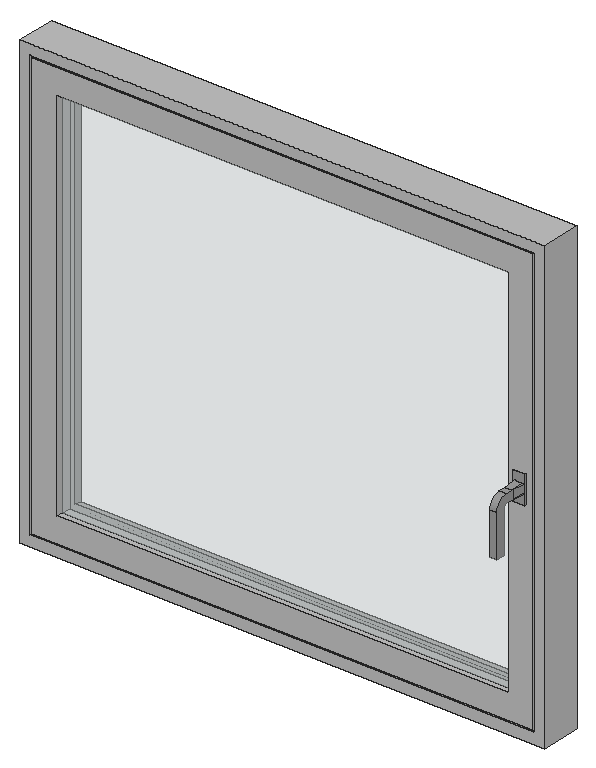
Revit family "Lian - System Window - Wood", category Windows, host Wall, Revit 2017
Family settings
  Host = Wall
  Always vertical = Yes
  Cut with Voids When Loaded = No
  Shared = No
  Room Calculation Point = No
Parameters
  hosted on bimbear.com® = "www.bimbear.com"
  Width = [02.5 - Window Width]  # 1400 mm
  URL = "http://www.lian.no/"
  Type Image = <None>
  Type Comments = "Wood"
  Rough Width = [02 - Opening Width]  # 1400 mm
  Rough Height = [01 - Opening Height]  # 1200 mm
  Opening Lines = no
  OFS = [07 - Offset] + 1500 mm  # 1500 mm
  Model = "Inward Opening - System Window"
  Manufacturer = "Lian"
  Height = [01.5 - Window Height]  # 1200 mm
  GAP = [08 - Sealant Gap] * 2  # 0 mm
  Construction Type = ""
  Assembly Code = ""
  Analytic Construction = "<None>"
  11 - Sound Transmission Class = ""
  10 - Fire Rating = ""
  08 - Sealant Gap = 0 mm
  07 - Offset = 0 mm
  05.5 - Material Glass = Glass
  05.1 - Material Frame = RAL 9018
  02.5 - Window Width = [02 - Opening Width] - GAP  # 1400 mm
  02 - Opening Width = 1400 mm
  01.5 - Window Height = [01 - Opening Height] - GAP  # 1200 mm
  01 - Opening Height = 1200 mm
Reference planes
  plane 1 "Wall": y = 0
  plane 2 "Center (Left/Right)": x = 125
  plane 3 "Back": y = 75
  plane 4: x = -575
  plane 5: z = 1200
  plane 6: x = 825
  plane 7: x = -575
  plane 8: z = 0
  plane 9: x = 825
  plane 10: z = 1200
  plane 11 "VINDU": y = 0
  plane 12: y = -1500
  plane 13: z = 600
  plane 14: x = 740.997
  plane 15: x = -490.997
  plane 16: z = 92
  plane 17: z = 1115.997
Forms (mm)
  Extrusion 1, solid, material "Glass" <- "05.5 - Material Glass"
    sketch origin (125, 0, 0) x (0, 1, 0) y (0, 0, 1)
      loop
        line (0, 1115.997) -> (-44, 1115.997) -> (-44, 92) -> (0, 92) -> (0, 1115.997)
    from -615.997 to 615.997
  Sweep 2, solid, material "RAL 9018" <- "05.1 - Material Frame"
    path origin (0, 0, 0) x (0, 0, -1) y (-1, 0, 0)
      loop
        line (-1200, 575) -> (-1200, -825) -> (0, -825) -> (0, 575) -> (-1200, 575)
    profile origin (125, 0, 1200) x (0, 0, -1) y (0, 1, 0)
      loop
        line (84.003, -44) -> (84.003, 0) -> (99.272, 0) -> (90.405, 29) -> (55, 29) -> (55, 45) -> (0, 45) -> (0, -60) -> (27, -60) -> (27, -57) -> (32, -57) -> (32, -60) -> (98.003, -60) -> (98.003, -44) -> (84.003, -44)
Lines and regions (mm)
  Opening 1
    outline origin (-5000, -75, 0) x (1, 0, 0) y (0, 0, 1)
      loop
        line (5825, 1200) -> (4425, 1200) -> (4425, 0) -> (5825, 0) -> (5825, 1200)
  symbolic lines, detail levels coarse
    curve 1: line (-575, 0, 0) -> (825, 0, 0)
    curve 2: line (125, 0, 1200) -> (125, 0, 0)
  symbolic lines, style "OpeningLine", visible <- "Opening Lines"
    curve 3: line (725.728, 0, 600) -> (-475.728, 0, 1100.728)
    curve 4: line (725.728, 0, 600) -> (-475.728, 0, 99.272)
    curve 5: line (-475.728, 0, 99.272) -> (125, 0, 1100.728)
    curve 6: line (125, 0, 1100.728) -> (725.728, 0, 99.272)
Text (mm)
  text "Placement Side" at (-1848.837, 1116.779, 0), in view "Ref. Level"
  text "Placement side" at (0, 1409.804, 2854.306), in view "Left"
  text "Placement side" at (0, 499.811, 2980.732), in view "Right"
Dimensions and locks
  locked: plane 3 "Back" to host wall
  equal spacing: plane 6, plane 2 "Center (Left/Right)", plane 4
  "Rough Width": plane 6 to plane 4
  "Rough Height": level to plane 5
  "08 - Sealant Gap": plane 4 to plane 7
  "08 - Sealant Gap": plane 10 to plane 5
  "08 - Sealant Gap": plane 6 to plane 9
  "08 - Sealant Gap": level to plane 8
  plane 1 "Wall" to plane 12 = 1500 mm
  "OFS": plane 11 "VINDU" to plane 12
  equal spacing: plane 5, plane 13, level
  locked: plane 14 to plane 9 at 84.003
  locked: plane 7 to plane 15 at 84.003
  locked: plane 10 to plane 17 at 84.003
  locked: plane 16 to plane 8 at 92
  aligned and locked: plane 1 "Wall" to host wall
  aligned and locked: plane 5 to Opening 1 sketch curve
  aligned and locked: Opening 1 sketch curve to plane 6
  aligned and locked: level to Opening 1 sketch curve
  aligned and locked: Opening 1 sketch curve to plane 4
  aligned and locked: nested 1 to plane 8
  aligned and locked: nested 1 to plane 11 "VINDU"
  aligned and locked: nested 3 to plane 11 "VINDU"
  aligned and locked: nested 4 to plane 11 "VINDU"
  aligned and locked: nested 3 to Extrusion 1 sketch curve
  aligned and locked: nested 3 to plane 17
  aligned and locked: plane 11 "VINDU" to Extrusion 1
  aligned and locked: Sweep 2 sketch curve to plane 10
  aligned and locked: Sweep 2 sketch curve to plane 17
  aligned and locked: plane 16 to nested 3
  aligned and locked: plane 14 to Extrusion 1
  aligned and locked: nested 5 to plane 7
  aligned and locked: plane 11 "VINDU" to nested 5
  aligned and locked: plane 6 to curve 1
  aligned and locked: plane 4 to curve 1
  aligned and locked: curve 1 to plane 11 "VINDU"
  aligned and locked: plane 9 to nested 6
  aligned and locked: plane 10 to curve 2
  aligned and locked: plane 8 to curve 2
  aligned and locked: plane 11 "VINDU" to curve 2
  aligned and locked: nested 6 to plane 11 "VINDU"
  aligned and locked: Extrusion 1 to nested 1
  aligned and locked: plane 10 to Sweep 2
  aligned and locked: plane 17 to nested 2
  aligned and locked: plane 11 "VINDU" to nested 2
  aligned and locked: nested 7 to plane 13
  aligned and locked: nested 7 to plane 14
  aligned and locked: Sweep 2 sketch curve to plane 7
  aligned and locked: Extrusion 1 to plane 15
  aligned and locked: plane 14 to nested 4
  aligned and locked: nested 4 to plane 15
Automatic sketch dimensions
  Sweep 2 sketch curve to plane 9 = 0 mm
  Sweep 2 sketch curve to plane 10 = 0 mm
  Sweep 2 sketch curve to plane 8 = 0 mm
  Extrusion 1 sketch curve to plane 16 = 0 mm
  Extrusion 1 sketch curve to plane 11 "VINDU" = 44 mm
  plane 17 to Extrusion 1 sketch curve = 0 mm
  Sweep 2 sketch curve to profile plane = 27 mm
  Sweep 2 sketch curve to Sweep 2 sketch curve = 5 mm
  Sweep 2 sketch curve to Sweep 2 sketch curve = 29.003 mm
  Sweep 2 sketch curve to Sweep 2 sketch curve = 0 mm
  Sweep 2 sketch curve to Sweep 2 sketch curve = 3 mm
  Sweep 2 sketch curve to Sweep 2 sketch curve = 16 mm  (x2)
  Sweep 2 sketch curve to Sweep 2 sketch curve = 6.402 mm
  Sweep 2 sketch curve to Sweep 2 sketch curve = 8.866 mm
  plane 11 "VINDU" to Sweep 2 sketch curve = 29 mm
  Sweep 2 sketch curve to plane 11 "VINDU" = 0 mm
  Sweep 2 sketch curve to Sweep 2 sketch curve = 14 mm
  Sweep 2 sketch curve to plane 11 "VINDU" = 44 mm
  curve 5 to plane 17 = 15.269 mm
  plane 16 to curve 5 = 7.272 mm
  curve 3 to plane 14 = 15.269 mm
  plane 15 to curve 5 = 15.269 mm
  curve 3 to plane 17 = 15.269 mm
  plane 16 to curve 6 = 7.272 mm
  curve 6 to plane 14 = 15.269 mm
  plane 15 to curve 3 = 15.269 mm
  curve 3 to plane 13 = 0 mm
  curve 5 to plane 2 "Center (Left/Right)" = 0 mm
Nested families
  nested 1: "SV-T-V0104-06" at (1225, 0, 0) x (0, 1, 0) z (-1, 0, 0), type "FV-T-V0104-06"
  nested 2: "SV-T-V0104-03-09" at (825, 0, 1200) x (0, 1, 0) z (1, 0, 0), type "SV-T-V0104-03-09"
  nested 3: "3Glass2D" at (125, 0, 1115.997) x (0, -1, 0) z (1, 0, 0), type "3Glass2D"
    with h 1023.997 mm
  nested 4: "3Glass2D" at (-490.997, 0, 0) x (0, -1, 0) z (0, 0, 1), type "3Glass2D"
    with h 1231.994 mm
  nested 5: "SV-T-V0104-03-09" at (-575, 0, 0) x (0, 1, 0) z (0, 0, 1), type "SV-T-V0104-03-09"
  nested 6: "SV-T-V0104-03-09" at (825, 0, 0) x (0, 1, 0) z (0, 0, 1), type "SV-T-V0104-03-09"
  nested 7: "Håndtak" at (756.655, -60, 600) x (0, 0, -1) z (0, -1, 0), type "Håndtak"
Definition of nested family "Håndtak"
  Parameters (values of type "Håndtak")
    Default Elevation = 1219.2 mm
  Reference planes
    plane 1 "Center (Front/Back)": y = 0
    plane 2: z = 0
    plane 3 "Center (Left/Right)": x = 0
  Forms (mm)
    Extrusion 1, solid
      sketch origin (0, 0, 0) x (1, 0, 0) y (0, 1, 0)
        loop
          line (-1219.2, 1219.2) -> (-1219.2, -1219.2) -> (1219.2, -1219.2) -> (1219.2, 1219.2) -> (-1219.2, 1219.2)
      from 0 to -304.8
    Blend 2, solid
      base sketch origin (0, 0, 0) x (1, 0, 0) y (0, 1, 0)
        loop
          arc (14, 9.662) -> (13.169, 11.669) -> (11.162, 12.5) r 2.838
          line (11.162, 12.5) -> (-11.162, 12.5)
          arc (-11.162, 12.5) -> (-13.169, 11.669) -> (-14, 9.662) r 2.838
          line (-14, 9.662) -> (-14, -9.662)
          arc (-14, -9.662) -> (-13.169, -11.669) -> (-11.162, -12.5) r 2.838
          line (-11.162, -12.5) -> (11.162, -12.5)
          arc (11.162, -12.5) -> (13.169, -11.669) -> (14, -9.662) r 2.838
          line (14, -9.662) -> (14, 9.662)
      top sketch origin (0, 0, 0) x (1, 0, 0) y (0, 1, 0)
        loop
          line (11, 9.5) -> (-11, 9.5) -> (-11, -9.5) -> (11, -9.5) -> (11, 9.5)
      from 0 to 35.908
    Sweep 3, solid
      path origin (0, 0, 0) x (1, 0, 0) y (0, 0, 1)
        loop
          line (0, 35.908) -> (0, 55.908)
          arc (0, 55.908) -> (5.858, 70.05) -> (20, 75.908) r 20
          line (20, 75.908) -> (133, 75.908)
      profile origin (0, 0, 45.908) x (-1, 0, 0) y (0, -1, 0)
        loop
          line (-11, -9.5) -> (11, -9.5) -> (11, 9.5) -> (-11, 9.5) -> (-11, -9.5)
    Extrusion 4, solid
      sketch origin (0, 0, 0) x (1, 0, 0) y (0, 1, 0)
        loop
          line (-36.932, 15.592) -> (-36.932, -15.658) -> (38.068, -15.658) -> (38.068, 15.592) -> (-36.932, 15.592)
      from 0 to 2.754
  Cuts and joins
    joined: Blend 2, Sweep 3, Extrusion 4
  Dimensions and locks
    aligned and locked: plane 2 to Extrusion 1
    aligned and locked: level to Extrusion 1
Definition of nested family "SV-T-V0104-06"
  Reference planes
    plane 1 "Center (Front/Back)": y = 0
    plane 2: z = 0
    plane 3 "Center (Left/Right)": x = 0
  Lines and regions (mm)
    Filled region 1, type "LianTre", in view "Ref. Level", detail levels fine
      outline origin (29, 51.028, 0) x (1, 0, 0) y (0, 1, 0)
        loop
          line (-1.756, 27.853) -> (-76.041, 36.975) -> (-76.041, 46.5) -> (-79.5, 46.5) -> (-79.5, 49.5) -> (-76.041, 49.5) -> (-76.041, 54)
          arc (-76.041, 54) -> (-76.334, 54.707) -> (-77.041, 55) r 1
          line (-77.041, 55) -> (-84, 55)
          arc (-84, 55) -> (-85.414, 54.414) -> (-86, 53) r 2
          line (-86, 53) -> (-86, 50.604) -> (-88, 50.604)
          arc (-88, 50.604) -> (-88.707, 50.311) -> (-89, 49.604) r 1
          line (-89, 49.604) -> (-89, -9.031)
          arc (-89, -9.031) -> (-88.414, -10.445) -> (-87, -11.031) r 2
          line (-87, -11.031) -> (-73, -11.031)
          arc (-73, -11.031) -> (-72.293, -10.738) -> (-72, -10.031) r 1
          line (-72, -10.031) -> (-72, -4.031) -> (-51.875, -4.031) -> (-51.875, 1.29) -> (-48.375, 1.29) -> (-48.375, -4.031) -> (-38, -4.031)
          arc (-38, -4.031) -> (-37.293, -3.738) -> (-37, -3.031) r 1
          line (-37, -3.031) -> (-37, 14.969) -> (-33, 14.969) -> (-33, 8.924)
          arc (-33, 8.924) -> (-32.671, 8.183) -> (-31.901, 7.929) r 1
          line (-31.901, 7.929) -> (-25.251, 8.594)
          arc (-25.251, 8.594) -> (-24.609, 8.918) -> (-24.35, 9.589) r 1
          line (-24.35, 9.589) -> (-24.35, 12.427)
          arc (-24.35, 12.427) -> (-24.057, 13.134) -> (-23.35, 13.427) r 1
          line (-23.35, 13.427) -> (-17.35, 13.427)
          arc (-17.35, 13.427) -> (-16.643, 13.134) -> (-16.35, 12.427) r 1
          line (-16.35, 12.427) -> (-16.35, 10.586)
          arc (-16.35, 10.586) -> (-16.021, 9.845) -> (-15.251, 9.591) r 1
          line (-15.251, 9.591) -> (-9.901, 10.125)
          arc (-9.901, 10.125) -> (-9.259, 10.449) -> (-9, 11.12) r 1
          line (-9, 11.12) -> (-9, 15.199) -> (-1.802, 15.917)
          arc (-1.802, 15.917) -> (-0.517, 16.565) -> (0, 17.907) r 2
          line (0, 17.907) -> (0, 25.868)
          arc (0, 25.868) -> (-0.502, 27.194) -> (-1.756, 27.853) r 2
    Filled region 2, type "Solid Fill - Black", in view "Ref. Level", detail levels fine
      outline origin (-42.345, 27.13, 0) x (0, -1, 0) y (1, 0, 0)
        loop
          line (-71.113, -7.237) -> (-71.069, -6.175) -> (-70.717, -4.655) -> (-68.868, -4.605) -> (-67.509, -1.69) -> (-68.966, -2.855) -> (-71.921, -2.841) -> (-73.92, -1.68) -> (-73.689, -2.855) -> (-78.891, -2.832) -> (-80.365, -1.655) -> (-78.839, -4.655) -> (-72.978, -4.737) -> (-72.682, -6.246) -> (-72.682, -7.237) -> (-73.397, -6.903) -> (-72.893, -7.69) -> (-71.897, -8.155) -> (-70.836, -7.66) -> (-70.397, -6.903) -> (-71.113, -7.237)
    Filled region 3, type "LianTre", in view "Ref. Level", detail levels fine
      outline origin (29, 11.031, 0) x (1, 0, 0) y (0, 1, 0)
        loop
          line (-89, 21.969) -> (-89, 7.969) -> (-80, 7.969) -> (-80, -2.031) -> (-88, -2.031)
          arc (-88, -2.031) -> (-88.707, -2.323) -> (-89, -3.031) r 1
          line (-89, -3.031) -> (-89, -9.031)
          arc (-89, -9.031) -> (-88.414, -10.445) -> (-87, -11.031) r 2
          line (-87, -11.031) -> (-74, -11.031) -> (-74, -10.031) -> (-29, -10.031)
          arc (-29, -10.031) -> (-26.879, -9.152) -> (-26, -7.031) r 3
          line (-26, -7.031) -> (-26, -3.031) -> (-19, -3.031) -> (-19, -7.031)
          arc (-19, -7.031) -> (-18.122, -9.152) -> (-16, -10.031) r 3
          line (-16, -10.031) -> (-14, -10.031) -> (-14, -11.031) -> (-5, -11.031)
          arc (-5, -11.031) -> (-3.586, -10.445) -> (-3, -9.031) r 2
          line (-3, -9.031) -> (-3, 2.969) -> (1, 2.969) -> (1, -4.413) -> (13.482, -7.758)
          arc (13.482, -7.758) -> (15.217, -7.413) -> (16, -5.826) r 2
          line (16, -5.826) -> (16, 22.103)
          arc (16, 22.103) -> (15.547, 23.37) -> (14.395, 24.064) r 2
          line (14.395, 24.064) -> (-14, 29.789) -> (-14, 36.872)
          arc (-14, 36.872) -> (-14.263, 37.548) -> (-14.913, 37.868) r 1
          line (-14.913, 37.868) -> (-27.5, 38.969) -> (-27.5, 43.969) -> (-30, 43.969)
          arc (-30, 43.969) -> (-31.414, 43.384) -> (-32, 41.969) r 2
          line (-32, 41.969) -> (-32, 31.969) -> (-53, 31.969)
          arc (-53, 31.969) -> (-53.707, 31.677) -> (-54, 30.969) r 1
          line (-54, 30.969) -> (-54, 23.969) -> (-70, 23.969) -> (-70, 26.969) -> (-73, 23.969) -> (-73, 15.969) -> (-86, 15.969) -> (-86, 23.969) -> (-87, 23.969)
          arc (-87, 23.969) -> (-88.414, 23.384) -> (-89, 21.969) r 2
    Filled region 4, type "Solid Fill - Black", in view "Ref. Level", detail levels fine
      outline origin (71.068, 127.639, 0) x (0, 1, 0) y (-1, 0, 0)
        loop
          line (-32.629, 65.48) -> (-33.344, 65.814) -> (-32.905, 65.057) -> (-31.844, 64.563) -> (-30.848, 65.027) -> (-30.344, 65.814) -> (-31.059, 65.48) -> (-31.059, 66.471) -> (-30.763, 67.98) -> (-24.902, 68.063) -> (-23.376, 71.063) -> (-24.85, 69.885) -> (-30.052, 69.863) -> (-29.821, 71.037) -> (-31.821, 69.876) -> (-34.775, 69.863) -> (-36.232, 71.027) -> (-34.873, 68.113) -> (-33.024, 68.063) -> (-32.672, 66.542) -> (-32.629, 65.48)
    Masking region 1, in view "Ref. Level", detail levels fine
      outline origin (21.496, 63.277, 0) x (1, 0, 0) y (0, 1, 0)
        loop
          line (3.004, -13.784) -> (-18.496, -11.903) -> (-18.496, -8.277) -> (-19.996, -8.277) -> (-19.996, -13.277) -> (3.004, -15.289) -> (3.004, -19.746) -> (4.504, -19.746) -> (4.504, -14.034) -> (20.504, -20.825) -> (20.504, -23.589) -> (22.004, -23.589) -> (22.004, -19.832) -> (4.504, -12.404) -> (4.504, -6.047) -> (1.504, -1.762) -> (1.504, -0.289) -> (0.004, -0.289) -> (0.004, -2.235) -> (3.004, -6.52) -> (3.004, -13.784)
    Masking region 2, in view "Ref. Level", detail levels medium
      outline origin (45, 51.028, 0) x (1, 0, 0) y (0, 1, 0)
        loop
          line (-16, 37) -> (-105, 37) -> (-105, -7.014) -> (-16, -7.014) -> (-16, 37)
    Masking region 3, in view "Ref. Level", detail levels medium
      outline origin (45, 0, 0) x (1, 0, 0) y (0, 1, 0)
        loop
          line (0, 44.014) -> (-105, 44.014) -> (-105, 0) -> (0, 0) -> (0, 44.014)
    Filled region 5, type "Solid Fill - Black", in view "Ref. Level", detail levels fine
      outline origin (-11.041, -14.007, 0) x (0, -1, 0) y (1, 0, 0)
        loop
          line (-78.553, 3.041) -> (-61.504, 3.041)
          arc (-61.504, 3.041) -> (-61.15, 3.188) -> (-61.004, 3.541) r 0.5
          line (-61.004, 3.541) -> (-61.004, 6.041)
          arc (-61.004, 6.041) -> (-61.59, 7.455) -> (-63.004, 8.041) r 2
          arc (-63.004, 8.041) -> (-67.754, 7.636) -> (-72.504, 8.041) r 28.057
          arc (-72.504, 8.041) -> (-73.211, 7.748) -> (-73.504, 7.041) r 1
          line (-73.504, 7.041) -> (-73.504, 4.529)
          arc (-73.504, 4.529) -> (-73.65, 4.176) -> (-74.004, 4.029) r 0.5
          line (-74.004, 4.029) -> (-77.564, 4.029) -> (-79.36, 3.541) -> (-76.371, 7.038) -> (-77.172, 7.038) -> (-80.004, 3.541) -> (-78.553, 3.041)
    Masking region 4, in view "Ref. Level", detail levels fine
      outline origin (40.096, 118.302, 0) x (1, 0, 0) y (0, 1, 0)
        loop
          line (-36.096, -33.996) -> (-38.1, -25.19) -> (-39.096, -25.19) -> (-39.096, -36.198) -> (-15.214, -39.131) -> (-15.214, -34.118) -> (-14.229, -33.944) -> (-15.311, -26.962) -> (-17.714, -26.962) -> (-17.714, -36.365) -> (-30.096, -34.731) -> (-30.096, -25.867) -> (-31.09, -25.763) -> (-33.596, -31.295) -> (-33.596, -32.295) -> (-32.777, -32.403) -> (-33.08, -33.677)
          arc (-33.08, -33.677) -> (-33.359, -34.092) -> (-33.843, -34.22) r 0.712
          line (-33.843, -34.22) -> (-36.096, -33.996)
    Masking region 5, in view "Ref. Level", detail levels fine
      outline origin (89.949, 145.936, 0) x (1, 0, 0) y (0, 1, 0)
        loop
          line (-84.341, -47.416) -> (-85.449, -47.416)
          arc (-85.449, -47.416) -> (-85.803, -47.27) -> (-85.949, -46.916) r 0.5
          line (-85.949, -46.916) -> (-85.949, -45.332)
          arc (-85.949, -45.332) -> (-85.753, -44.935) -> (-85.32, -44.849) r 0.5
          line (-85.32, -44.849) -> (-83.334, -45.381) -> (-83.118, -46.187) -> (-82.128, -46.187) -> (-82.128, -44.669) -> (-86.32, -43.546)
          arc (-86.32, -43.546) -> (-86.753, -43.632) -> (-86.949, -44.029) r 0.5
          line (-86.949, -44.029) -> (-86.949, -48.58)
          arc (-86.949, -48.58) -> (-86.593, -49.128) -> (-85.948, -49.026) r 0.6
          arc (-85.948, -49.026) -> (-83.544, -49.603) -> (-84.944, -51.641) r 1.5
          line (-84.944, -51.641) -> (-86.449, -51.641)
          arc (-86.449, -51.641) -> (-86.803, -51.787) -> (-86.949, -52.141) r 0.5
          arc (-86.949, -52.141) -> (-86.803, -52.494) -> (-86.449, -52.641) r 0.5
          line (-86.449, -52.641) -> (-84.949, -52.641)
          arc (-84.949, -52.641) -> (-84.595, -52.787) -> (-84.449, -53.141) r 0.5
          line (-84.449, -53.141) -> (-84.449, -60.429)
          arc (-84.449, -60.429) -> (-84.303, -60.783) -> (-83.949, -60.929) r 0.5
          line (-83.949, -60.929) -> (-82.949, -60.929) -> (-82.63, -60.037) -> (-83.449, -59.929) -> (-83.449, -52.145)
          arc (-83.449, -52.145) -> (-82.554, -50.873) -> (-82.583, -49.318) r 2.5
          line (-82.583, -49.318) -> (-53.949, -58.177) -> (-53.949, -68.987)
          arc (-53.949, -68.987) -> (-53.449, -69.487) -> (-52.949, -68.987) r 0.5
          line (-52.949, -68.987) -> (-52.949, -57.544) -> (-84.341, -47.416)
    detail lines, in view "Ref. Level", detail levels fine
      curve 1: line (-44, 87.632, 0) -> (0, 92, 0)
      curve 2: line (0, 82.229, 0) -> (-44, 92, 0)
      curve 3: line (-44, 92, 0) -> (0, 92, 0)
      curve 4: line (-44, 92, 0) -> (-44, 87.632, 0)
      curve 5: line (0, 92, 0) -> (0, 82.229, 0)
      curve 6: line (-58, 35, 0) -> (-58, 38.6, 0)
      curve 7: line (-58, 38.6, 0) -> (-45, 38.6, 0)
      curve 8: line (-45, 38.6, 0) -> (-42.596, 41.1, 0)
      curve 9: line (-42.596, 41.1, 0) -> (-26, 41.1, 0)
      curve 10: line (-26, 41.1, 0) -> (-26, 37.6, 0)
      curve 11: line (-25, 37.6, 0) -> (-41, 37.6, 0)
      curve 12: line (-55.85, 38.6, 0) -> (-55.85, 39.997, 0)
      curve 13: line (-42.15, 41.1, 0) -> (-42.15, 49.497, 0)
      curve 14: line (-42.15, 49.497, 0) -> (-25.85, 49.497, 0)
      curve 15: line (-25.85, 49.497, 0) -> (-25.85, 46.997, 0)
      curve 16: line (-27.85, 49.497, 0) -> (-27.85, 58.997, 0)
      curve 17: line (-27.85, 58.997, 0) -> (-40.15, 58.997, 0)
      curve 18: line (-40.15, 58.997, 0) -> (-40.15, 49.497, 0)
      curve 19: line (-27.85, 46.997, 0) -> (-27.85, 42.997, 0)
      curve 20: line (-27.85, 42.997, 0) -> (-40.85, 42.997, 0)
      curve 21: line (-40.85, 46.997, 0) -> (-40.85, 41.1, 0)
      curve 22: line (-39.5, 41.1, 0) -> (-39.5, 42.497, 0)
      curve 23: line (-39.5, 42.497, 0) -> (-28.5, 42.497, 0)
      curve 24: line (-28.5, 42.497, 0) -> (-28.5, 41.1, 0)
Definition of nested family "SV-T-V0104-03-09"
  Reference planes
    plane 1 "Center (Front/Back)": y = 0
    plane 2: z = 0
    plane 3 "Center (Left/Right)": x = 0
  Lines and regions (mm)
    Filled region 1, type "Solid Fill - Black", in view "Ref. Level", detail levels fine
      outline origin (-1.655, -19.109, 0) x (0, 1, 0) y (-1, 0, 0)
        loop
          line (-71.113, -7.237) -> (-71.069, -6.175) -> (-70.717, -4.655) -> (-68.868, -4.605) -> (-67.509, -1.69) -> (-68.966, -2.855) -> (-71.921, -2.841) -> (-73.92, -1.68) -> (-73.689, -2.855) -> (-78.891, -2.832) -> (-80.365, -1.655) -> (-78.839, -4.655) -> (-72.978, -4.737) -> (-72.682, -6.246) -> (-72.682, -7.237) -> (-73.397, -6.903) -> (-72.893, -7.69) -> (-71.897, -8.155) -> (-70.836, -7.66) -> (-70.397, -6.903) -> (-71.113, -7.237)
    Filled region 2, type "Solid Fill - Black", in view "Ref. Level", detail levels fine
      outline origin (-42.345, -19.106, 0) x (1, 0, 0) y (0, 1, 0)
        loop
          line (-7.237, -71.113) -> (-6.903, -70.397) -> (-7.66, -70.836) -> (-8.155, -71.897) -> (-7.69, -72.893) -> (-6.903, -73.397) -> (-7.237, -72.682) -> (-6.246, -72.682) -> (-4.737, -72.978) -> (-4.655, -78.839) -> (-1.655, -80.365) -> (-2.832, -78.891) -> (-2.855, -73.689) -> (-1.68, -73.92) -> (-2.841, -71.921) -> (-2.855, -68.966) -> (-1.69, -67.509) -> (-4.605, -68.868) -> (-4.655, -70.717) -> (-6.175, -71.069) -> (-7.237, -71.113)
    Filled region 3, type "LianTre", in view "Ref. Level", detail levels fine
      outline origin (83.913, -147.988, 0) x (1, 0, 0) y (0, 1, 0)
        loop
          arc (-131.913, 49.985) -> (-131.205, 50.278) -> (-130.913, 50.985) r 1
          line (-130.913, 50.985) -> (-130.913, 55.485) -> (-134.413, 55.485) -> (-134.413, 58.485) -> (-130.913, 58.485) -> (-130.913, 67.985) -> (-56.913, 67.985)
          arc (-56.913, 67.985) -> (-55.498, 68.571) -> (-54.913, 69.985) r 2
          line (-54.913, 69.985) -> (-54.913, 87.05)
          arc (-54.913, 87.05) -> (-55.43, 88.392) -> (-56.714, 89.04) r 2
          line (-56.714, 89.04) -> (-63.913, 89.759) -> (-63.913, 93.837)
          arc (-63.913, 93.837) -> (-64.171, 94.508) -> (-64.813, 94.832) r 1
          line (-64.813, 94.832) -> (-70.163, 95.366)
          arc (-70.163, 95.366) -> (-70.934, 95.112) -> (-71.263, 94.371) r 1
          line (-71.263, 94.371) -> (-71.263, 92.531)
          arc (-71.263, 92.531) -> (-71.555, 91.824) -> (-72.263, 91.531) r 1
          line (-72.263, 91.531) -> (-78.263, 91.531)
          arc (-78.263, 91.531) -> (-78.97, 91.824) -> (-79.263, 92.531) r 1
          line (-79.263, 92.531) -> (-79.263, 95.368)
          arc (-79.263, 95.368) -> (-79.521, 96.039) -> (-80.163, 96.363) r 1
          line (-80.163, 96.363) -> (-86.813, 97.028)
          arc (-86.813, 97.028) -> (-87.584, 96.774) -> (-87.913, 96.033) r 1
          line (-87.913, 96.033) -> (-87.913, 89.988) -> (-91.912, 89.988) -> (-91.912, 107.988)
          arc (-91.912, 107.988) -> (-92.205, 108.695) -> (-92.913, 108.988) r 1
          line (-92.913, 108.988) -> (-103.288, 108.988) -> (-103.288, 103.667) -> (-106.788, 103.667) -> (-106.788, 108.988) -> (-126.913, 108.988) -> (-126.913, 114.988)
          arc (-126.913, 114.988) -> (-127.205, 115.695) -> (-127.913, 115.988) r 1
          line (-127.913, 115.988) -> (-141.913, 115.988)
          arc (-141.913, 115.988) -> (-143.327, 115.402) -> (-143.913, 113.988) r 2
          line (-143.913, 113.988) -> (-143.913, 55.354)
          arc (-143.913, 55.354) -> (-143.62, 54.646) -> (-142.913, 54.354) r 1
          line (-142.913, 54.354) -> (-140.913, 54.354) -> (-140.913, 51.988)
          arc (-140.913, 51.988) -> (-140.327, 50.574) -> (-138.913, 49.988) r 2
          line (-138.913, 49.988) -> (-131.913, 49.985)
    Masking region 1, in view "Ref. Level", detail levels medium
      outline origin (15.775, -43.003, 0) x (1, 0, 0) y (0, 1, 0)
        loop
          line (-75.775, 3.001) -> (-75.775, -37) -> (13.225, -37) -> (13.225, 3.001) -> (-75.775, 3.001)
    Filled region 4, type "Solid Fill - Black", in view "Ref. Level", detail levels fine
      outline origin (-11.041, 22.004, 0) x (1, 0, 0) y (0, 1, 0)
        loop
          line (3.041, -78.553) -> (3.541, -80.004) -> (7.038, -77.172) -> (7.038, -76.371) -> (3.541, -79.36) -> (4.029, -77.564) -> (4.029, -74.004)
          arc (4.029, -74.004) -> (4.176, -73.65) -> (4.529, -73.504) r 0.5
          line (4.529, -73.504) -> (7.041, -73.504)
          arc (7.041, -73.504) -> (7.748, -73.211) -> (8.041, -72.504) r 1
          arc (8.041, -72.504) -> (7.636, -67.754) -> (8.041, -63.004) r 28.057
          arc (8.041, -63.004) -> (7.455, -61.59) -> (6.041, -61.004) r 2
          line (6.041, -61.004) -> (3.541, -61.004)
          arc (3.541, -61.004) -> (3.188, -61.15) -> (3.041, -61.504) r 0.5
          line (3.041, -61.504) -> (3.041, -78.553)
    Filled region 5, type "LianTre", in view "Ref. Level", detail levels fine
      outline origin (13.225, -43.003, 0) x (1, 0, 0) y (0, 1, 0)
        loop
          arc (31.775, 41.003) -> (31.189, 42.417) -> (29.775, 43.003) r 2
          line (29.775, 43.003) -> (1.775, 43.003) -> (1.775, 42.003) -> (-0.225, 42.003)
          arc (-0.225, 42.003) -> (-2.346, 41.124) -> (-3.225, 39.003) r 3
          line (-3.225, 39.003) -> (-3.225, 35.003) -> (-10.225, 35.003) -> (-10.225, 39.003)
          arc (-10.225, 39.003) -> (-11.104, 41.124) -> (-13.225, 42.003) r 3
          line (-13.225, 42.003) -> (-58.225, 42.003) -> (-58.225, 43.003) -> (-71.225, 43.003)
          arc (-71.225, 43.003) -> (-72.639, 42.417) -> (-73.225, 41.003) r 2
          line (-73.225, 41.003) -> (-73.225, 35.003)
          arc (-73.225, 35.003) -> (-72.932, 34.296) -> (-72.225, 34.003) r 1
          line (-72.225, 34.003) -> (-64.225, 34.003) -> (-64.225, 24.003) -> (-73.225, 24.003) -> (-73.225, 18.003)
          arc (-73.225, 18.003) -> (-72.639, 16.589) -> (-71.225, 16.003) r 2
          line (-71.225, 16.003) -> (-38.225, 16.003) -> (-38.225, 9.003)
          arc (-38.225, 9.003) -> (-37.932, 8.296) -> (-37.225, 8.003) r 1
          line (-37.225, 8.003) -> (-16.225, 8.003) -> (-16.225, -2.997)
          arc (-16.225, -2.997) -> (-15.932, -3.704) -> (-15.225, -3.997) r 1
          line (-15.225, -3.997) -> (-9.225, -3.997)
          arc (-9.225, -3.997) -> (-8.518, -3.704) -> (-8.225, -2.997) r 1
          line (-8.225, -2.997) -> (-8.225, 1.003) -> (-0.225, 1.003) -> (-0.225, -2.997)
          arc (-0.225, -2.997) -> (0.068, -3.704) -> (0.775, -3.997) r 1
          line (0.775, -3.997) -> (7.775, -3.997) -> (7.775, -10.997)
          arc (7.775, -10.997) -> (8.068, -11.704) -> (8.775, -11.997) r 1
          line (8.775, -11.997) -> (29.775, -11.997)
          arc (29.775, -11.997) -> (31.189, -11.411) -> (31.775, -9.997) r 2
          line (31.775, -9.997) -> (31.775, 41.003)
    Masking region 2, in view "Ref. Level", detail levels medium
      outline origin (15.775, -4.003, 0) x (1, 0, 0) y (0, 1, 0)
        loop
          line (-75.775, 4.003) -> (-75.775, -35.999) -> (29.225, -35.999) -> (29.225, 4.003) -> (-75.775, 4.003)
    Masking region 3, in view "Ref. Level", detail levels fine
      outline origin (13.225, 0, 0) x (1, 0, 0) y (0, 1, 0)
        loop
          line (-10.225, -80.003) -> (-10.225, -89.503) -> (-6.725, -89.503) -> (-6.725, -92.503) -> (-10.225, -92.503) -> (-10.225, -97.003)
          arc (-10.225, -97.003) -> (-9.82, -97.807) -> (-8.933, -97.959) r 1
          line (-8.933, -97.959) -> (1.237, -94.85)
          arc (1.237, -94.85) -> (3.794, -93.043) -> (4.775, -90.069) r 5
          line (4.775, -90.069) -> (4.775, -82.003) -> (1.775, -82.003) -> (1.775, -80.003) -> (-10.225, -80.003)
    detail lines, in view "Ref. Level", detail levels fine
      curve 1: line (-44, -80.003, 0) -> (0, -84.003, 0)
      curve 2: line (0, -84.003, 0) -> (0, -80.003, 0)
      curve 3: line (0, -80.003, 0) -> (-44, -84.003, 0)
      curve 4: line (-44, -84.003, 0) -> (-44, -80.003, 0)
      curve 5: line (0, -84.003, 0) -> (-44, -84.003, 0)
      curve 6: line (-59, -67, 0) -> (-27.85, -67, 0)
      curve 7: line (-27.85, -67, 0) -> (-27.85, -41.5, 0)
      curve 8: line (-27.85, -41.5, 0) -> (-25.85, -41.5, 0)
      curve 9: line (-25.85, -41.5, 0) -> (-25.85, -39, 0)
      curve 10: line (-27.85, -51, 0) -> (-40.15, -51, 0)
      curve 11: line (-40.15, -51, 0) -> (-40.15, -41.5, 0)
      curve 12: line (-40.15, -41.5, 0) -> (-42.15, -41.5, 0)
      curve 13: line (-42.15, -41.5, 0) -> (-42.15, -39, 0)
      curve 14: line (-39.6, -39, 0) -> (-39.6, -35, 0)
      curve 15: line (-28.6, -39, 0) -> (-28.6, -35, 0)
      curve 16: line (-25, -33, 0) -> (-27, -35, 0)
      curve 17: line (-27, -35, 0) -> (-40.2, -35, 0)
      curve 18: line (-40.2, -35, 0) -> (-42.2, -33, 0)
      curve 19: line (-42.2, -33, 0) -> (-42.2, -27, 0)
Definition of nested family "3Glass2D"
  Parameters (values of type "3Glass2D")
    h [instance] = 126.931 mm
  Reference planes
    plane 1 "Center (Front/Back)": y = 0
    plane 2: z = 0
    plane 3 "Center (Left/Right)": x = 0
    plane 4: y = 126.931
    plane 5: y = -4
    plane 6: y = 130.931
  Lines and regions (mm)
    Filled region 1, type "Glass Hatch", in view "Ref. Level", detail levels fine
      outline origin (305.983, -18.8, 0) x (1, 0, 0) y (0, 1, 0)
        loop
          line (-261.983, 18.8) -> (-261.983, 145.731) -> (-265.983, 145.731) -> (-265.983, 18.8) -> (-261.983, 18.8)
        loop
          line (-281.983, 18.8) -> (-281.983, 145.731) -> (-285.983, 145.731) -> (-285.983, 18.8) -> (-281.983, 18.8)
        loop
          line (-301.983, 18.8) -> (-301.983, 145.731) -> (-305.983, 145.731) -> (-305.983, 18.8) -> (-301.983, 18.8)
    Masking region 1, in view "Ref. Level", detail levels medium
      outline origin (0, 0, 0) x (1, 0, 0) y (0, 1, 0)
        loop
          line (44, -4) -> (44, 130.931) -> (0, 130.931) -> (0, -4) -> (44, -4)
    Masking region 2, in view "Ref. Level", detail levels fine
      outline origin (0, 0, 0) x (1, 0, 0) y (0, 1, 0)
        loop
          line (4, 12) -> (4, 0) -> (20, 0) -> (20, 12) -> (4, 12)
        loop
          line (6, 10) -> (6, 2) -> (18, 2) -> (18, 10) -> (6, 10)
        loop
          line (24, 12) -> (24, 0) -> (40, 0) -> (40, 12) -> (24, 12)
        loop
          line (38, 2) -> (38, 10) -> (26, 10) -> (26, 2) -> (38, 2)
    Masking region 3, in view "Ref. Level", detail levels fine
      outline origin (0, 126.931, 0) x (0, -1, 0) y (1, 0, 0)
        loop
          line (12, 4) -> (12, 20) -> (0, 20) -> (0, 4) -> (12, 4)
        loop
          line (10, 6) -> (10, 18) -> (2, 18) -> (2, 6) -> (10, 6)
        loop
          line (12, 24) -> (12, 40) -> (0, 40) -> (0, 24) -> (12, 24)
        loop
          line (2, 38) -> (2, 26) -> (10, 26) -> (10, 38) -> (2, 38)
  Dimensions and locks
    "h": plane 1 "Center (Front/Back)" to plane 4
    locked: plane 6 to plane 4 at 4
    locked: plane 5 to plane 1 "Center (Front/Back)" at 4
    aligned and locked: plane 4 to Filled region 1  (x3)
    aligned and locked: plane 1 "Center (Front/Back)" to Filled region 1  (x3)
    aligned and locked: Filled region 1 sketch curve to plane 1 "Center (Front/Back)"  (x3)
    aligned and locked: Masking region 1 to plane 6
  Automatic sketch dimensions
    Filled region 1 sketch curve to plane 3 "Center (Left/Right)" = 0 mm
    Filled region 1 sketch curve to plane 4 = 0 mm  (x3)
    plane 3 "Center (Left/Right)" to Filled region 1 sketch curve = 4 mm
    Filled region 1 sketch curve to Filled region 1 sketch curve = 16 mm  (x2)
    Filled region 1 sketch curve to Filled region 1 sketch curve = 4 mm  (x2)
    Masking region 1 sketch curve to plane 3 "Center (Left/Right)" = 0 mm
    plane 3 "Center (Left/Right)" to Masking region 1 sketch curve = 44 mm
    plane 1 "Center (Front/Back)" to Masking region 2 sketch curve = 0 mm  (x2)
    plane 3 "Center (Left/Right)" to Masking region 2 sketch curve = 4 mm
    Masking region 2 sketch curve to Masking region 2 sketch curve = 2 mm  (x6)
    Masking region 2 sketch curve to Masking region 2 sketch curve = 12 mm  (x2)
    Masking region 2 sketch curve to Masking region 2 sketch curve = 4 mm
    Masking region 2 sketch curve to plane 1 "Center (Front/Back)" = 2 mm  (x2)
    Masking region 2 sketch curve to Masking region 2 sketch curve = 8 mm  (x2)
    Masking region 3 sketch curve to plane 4 = 0 mm  (x2)
    Masking region 3 sketch curve to plane 4 = 2 mm  (x2)
    Masking region 3 sketch curve to Masking region 3 sketch curve = 8 mm  (x2)
    Masking region 3 sketch curve to Masking region 3 sketch curve = 2 mm  (x6)
    plane 3 "Center (Left/Right)" to Masking region 3 sketch curve = 4 mm
    Masking region 3 sketch curve to Masking region 3 sketch curve = 12 mm  (x2)
    Masking region 3 sketch curve to Masking region 3 sketch curve = 4 mm
    plane 5 to Masking region 1 sketch curve = 0 mm
    plane 4 to Masking region 1 sketch curve = 4 mm
